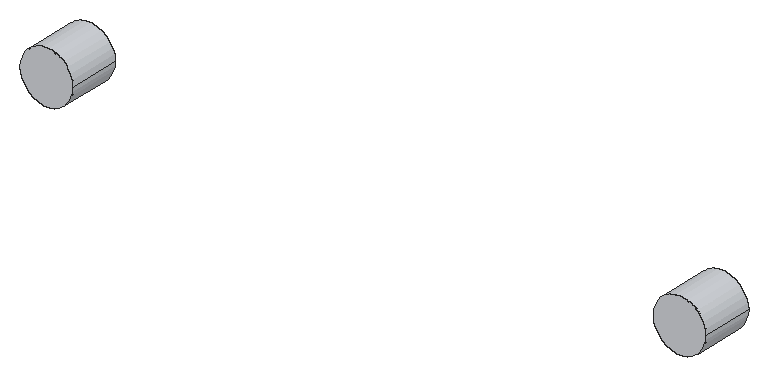
Revit family "PE Bath-Shower", category Plumbing Fixtures, Revit 2025
Family settings
  Round Connector Dimension = Use Diameter
  Part Type = Normal
  OmniClass Number = 23.45.00.00
  OmniClass Title = Sanitary, Laundry, and Cleaning Equipment
  Work Plane-Based = No
  Enable Cutting in Views = No
  Always vertical = Yes
  Cut with Voids When Loaded = No
  Maintain Annotation Orientation = No
  Shared = No
  Room Calculation Point = No
Parameters (values of type "Double Shower (head only)")
  _hot conn visible = yes
  _drain visible = no
  _drain size [instance] = 0' - 2"
  _drain angle = 90.00°  # constant formula
  _conn size [instance] = 0' - 0 1/2"
  _conn x offset between [instance] = 0' - 6"
  _drain y offset [instance] = 0' - 0"
  _conn z offset [instance] = 2' - 6"
  _drain z offset [instance] = 0' - 0 1/2"
  _conn angle = 0.00°
  _FOUNDRY LAST PROCESSED AT [instance] = "2026-02-02 16:56:25"
  WFU = 1
  PE_P_LoadCalc_WSFU = 2
  PE_P_LoadCalc_MinFixtTrapSize = 0' - 2"
  PE_P_LoadCalc_MinFixtPipeSize = 0' - 0 1/2"
  PE_P_LoadCalc_HWFU = 1.5
  PE_P_LoadCalc_FixtureType = "Shower"
  PE_P_LoadCalc_FixtureSubtype = "Double (head only)"
  PE_P_LoadCalc_DFU = 0
  PE_P_LoadCalc_CWFU = 1.5
  PE_G___WeightLoaded = 0
  PE_G___Weight = 0
  PE_G___URL = ""
  PE_G___TagType = ""
  PE_G___TagInstance [instance] = "SH-#"
  PE_G___SoundLevel [instance] = 0
  PE_G___Serves [instance] = ""
  PE_G___RefrigerantType [instance] = ""
  PE_G___NotesType = ""
  PE_G___NotesInstance [instance] = ""
  PE_G___Model = ""
  PE_G___Manufacturer = ""
  PE_G___Location [instance] = ""
  PE_G___FuelType = ""
  PE_G___Fluid [instance] = ""
  PE_G___Description = ""
  PE_G___Controller [instance] = ""
  PE_G___Building [instance] = ""
  Model = "TBD"
  Manufacturer = "Specified by Architect"
  Description = "Bathtub"
  Default Elevation = 0' - 0"
  _drain x offset [instance] = 3' - 0"
Types (6): name | _drain visible | _conn size | _drain y offset | _conn z offset | _conn angle | PE_P_LoadCalc_WSFU | PE_P_LoadCalc_MinFixtTrapSize | PE_P_LoadCalc_MinFixtPipeSize | PE_P_LoadCalc_HWFU | PE_P_LoadCalc_FixtureType | PE_P_LoadCalc_FixtureSubtype | PE_P_LoadCalc_DFU | PE_P_LoadCalc_CWFU | PE_G___TagInstance
  Bathtub Floor Mounted | yes | 0' - 0 3/4" | 2' - 0" | 0' - 0 1/2" | 90.00° | 10 | 0' - 1 1/2" | 0' - 0 3/4" | 7.5 | "Bathtub or Bath/Shower" | "3/4\" Fill Valve" | 2 | 7.5 | "BT-#"
  Bathtub Wall Mounted | yes | 0' - 0 3/4" | 2' - 0" | 1' - 4" | 0.00° | 10 | 0' - 1 1/2" | 0' - 0 3/4" | 7.5 | "Bathtub or Bath/Shower" | "3/4\" Fill Valve" | 2 | 7.5 | "BT-#"
  Bathtub/Shower | yes | 0' - 0 1/2" | 2' - 0" | 2' - 6" | 0.00° | 4 | 0' - 1 1/2" | 0' - 0 1/2" | 3 | "Bathtub or Bath/Shower" | "1/2\" Fill Valve" | 2 | 3 | "BT-SH-#"
  Double Shower (head only) | no | 0' - 0 1/2" | 0' - 0" | 2' - 6" | 0.00° | 2 | 0' - 2" | 0' - 0 1/2" | 1.5 | "Shower" | "Double (head only)" | 0 | 1.5 | "SH-#"
  Shower | yes | 0' - 0 1/2" | 2' - 0" | 2' - 6" | 0.00° | 2 | 0' - 2" | 0' - 0 1/2" | 1.5 | "Shower" | "Single" | 2 | 1.5 | "SH-#"
  Double Shower (w/ drain) | yes | 0' - 0 1/2" | 2' - 0" | 2' - 6" | 0.00° | 2 | 0' - 2" | 0' - 0 1/2" | 1.5 | "Shower" | "Double (w/ drain)" | 4 | 1.5 | "SH-#"
Reference planes (in)
  plane 1 "Center (Front/Back)": y = 0
  plane 2: z = 0
  plane 3 "Center (Left/Right)": x = 0
  plane 4 "conn (right)": x = 3
  plane 5 "conn (left)": x = -3
  plane 6 "drain y": y = 0
  plane 7 "drain x": x = 0
  plane 8 "arbitrary plane for positioning": x = -36
Dimensions and locks (in)
  "_drain x offset": plane 8 "arbitrary plane for positioning" to plane 7 "drain x"
  locked: plane 8 "arbitrary plane for positioning" to plane 3 "Center (Left/Right)" at 36
  "_conn x offset between": plane 5 "conn (left)" to plane 4 "conn (right)"
  equal spacing: plane 5 "conn (left)", plane 3 "Center (Left/Right)", plane 4 "conn (right)"
  "_drain y offset": plane 1 "Center (Front/Back)" to plane 6 "drain y"
  aligned and locked: level to plane 2
  aligned and locked: nested 3 to plane 6 "drain y"
  aligned and locked: plane 5 "conn (left)" to nested 1
  aligned and locked: plane 4 "conn (right)" to nested 2
  aligned and locked: nested 3 to plane 7 "drain x"
Nested families (in)
  nested 1: "puck" at (-3, 0, 30), _angle <- "_conn angle", built-in parameter 1001360 <- "_conn z offset", _diameter <- "_conn size", type "default"
    with _diameter 0' - 0 1/2", _angle 0.00°
  nested 2: "puck" at (3, 0, 30), _angle <- "_conn angle", built-in parameter 1001360 <- "_conn z offset", _diameter <- "_conn size", visible <- "_hot conn visible", type "default"
    with _diameter 0' - 0 1/2", _angle 0.00°
  nested 3: "puck" at (0, 0, 0.5), built-in parameter 1001360 <- "_drain z offset", _diameter <- "_drain size", _angle <- "_drain angle", visible <- "_drain visible", type "default"
    with _diameter 0' - 2", _angle 90.00°
Connectors (in)
  piping at (0, 0, 0), diameter 2, driven by "PE_P_LoadCalc_DFU", driven by "_drain size"
    settings: on nested 3, index 1, connector inside diameter 24", connector length 0' - 0", flow factor 0, pipe flow 0 GPM, pressure drop 0.00 psi, fitting loss kfactor 0, connector angle 0.00°, fixture units 0, engagement length 0' - 0", angle of deflection 0.00°, flow configuration 3, flow direction 2, fitting loss method 0, system type 16, joint type 0, gender type 0, connector reference index -1, connector utility 0, adjustable connector no, is connector primary yes, connector description ""
  piping at (-3, -0.5, 30), diameter 0.5, driven by "PE_P_LoadCalc_CWFU", driven by "_conn size"
    settings: on nested 1, index 2, connector inside diameter 24", connector length 0' - 0", flow factor 0, pipe flow 0 GPM, pressure drop 0.00 psi, fitting loss kfactor 0, connector angle 0.00°, fixture units 1.5, engagement length 0' - 0", angle of deflection 0.00°, flow configuration 0, flow direction 1, fitting loss method 0, system type 20, joint type 0, gender type 0, connector reference index -1, connector utility 0, adjustable connector no, is connector primary no, connector description ""
  piping at (3, -0.5, 30), diameter 0.5, driven by "PE_P_LoadCalc_HWFU", driven by "_conn size"
    settings: on nested 2, index 3, connector inside diameter 24", connector length 0' - 0", flow factor 0, pipe flow 0 GPM, pressure drop 0.00 psi, fitting loss kfactor 0, connector angle 0.00°, fixture units 1.5, engagement length 0' - 0", angle of deflection 0.00°, flow configuration 0, flow direction 1, fitting loss method 0, system type 19, joint type 0, gender type 0, connector reference index -1, connector utility 0, adjustable connector no, is connector primary no, connector description ""
Definition of nested family "puck"
  Parameters (values of type "default")
    _diameter [instance] = 0' - 0 3/4"
    _angle [instance] = 90.00°
    Default Elevation = 0' - 0"
  Reference planes (in)
    plane 1 "Center (Front/Back)": y = 0
    plane 2 "fake ref level": z = 0
    plane 3 "Center (Left/Right)": x = 0
    plane 4 "fake center (front/back)": y = 0
  Forms (in)
    Extrusion 1, solid
      sketch origin (0, 0, 0) x (0, -1, 0) y (-1, 0, 0)
        loop
          circle (0, 0) r 0.375
      from 0 to 0.5
  Lines and regions (in)
    reference lines
      curve 1: line (0, 0, 0) -> (0, 0, 24)
  Dimensions and locks (in)
    "_diameter": diameter of Extrusion 1 sketch curve
    "_angle": angle plane 2 "fake ref level" to curve 1
    aligned and locked: plane 2 "fake ref level" to level
    aligned and locked: plane 4 "fake center (front/back)" to plane 1 "Center (Front/Back)"
    aligned and locked: plane 4 "fake center (front/back)" to curve 1
    aligned and locked: plane 2 "fake ref level" to curve 1
  Automatic sketch dimensions
    plane 1 "Center (Front/Back)" to Extrusion 1 sketch curve = 0' - 0"
    Extrusion 1 sketch curve to plane 3 "Center (Left/Right)" = 0' - 0"
